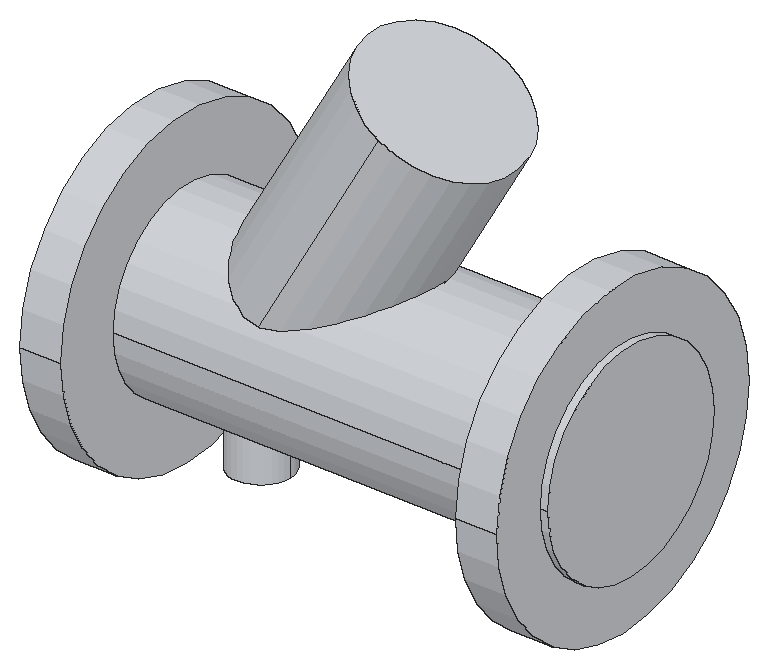
Revit family "HS 821-síto_jemné-PN40-DN065-RFA_2018", category Pipe Accessories, Revit 2018
Family settings
  Round Connector Dimension = Use Diameter
  Part Type = Breaks Into
  Work Plane-Based = No
  Always vertical = Yes
  Cut with Voids When Loaded = No
  Shared = No
Parameters (values of type "821F-DN065-PN40-síto_jemné")
  magiProductId = "dc9821e3f9b34e128f6a8c6b34c198"
  magiProductFamilyId = "79214ac3aaa945e397802f559f5c1e"
  magiPartTypeId = 307
  isMeasuringValve [instance] = no
  ang2D [instance] = 0.00°
  ZB__ve = -ZB  # -29.75 mm
  ZB1 = 49.41 mm
  ZB = 29.75 mm
  X2 = 86.927 mm
  X1 = 40.6 mm
  W2D = 15 mm
  VersionID = "2.0/2017.9.26.1/ZETKAMA_821_001"
  Use Minimum Symbol Size [instance] = yes
  URL = "www.hydronic.cz"
  Type Comments = "Filtr přírubový; síto jemné; A-PN16 (-10~300°C); D-PN25 (-10~350°C); F-PN40 (-10~400°C)"
  S = 122 mm
  QmdConnectorList = "301;D;302;D"
  Productdata [instance] = ""
  Manufacturer = "Hydronic Systems Prague s.r.o."
  MC Product Code = "250 665 (821F; DN065; PN40; kvs95,1; oko síta 0,63mm)"
  LM1 = 23.2 mm
  LM = 232 mm
  L4 = 72.5 mm
  L2D_Min = 3048 mm
  L2D = 130 mm
  L2 = 145 mm
  HH2 = 150.562 mm
  FD = 185 mm
  Description = "Filtr přírubový; síto jemné; 821A-PN16; 821D-PN25; 821F-PN40"
  DM1 = 94.2 mm
  DM = 109.8 mm
  D = 65 mm
  CC = 4.93 mm
  CAT0 = yes
  C1 = 24.07 mm
  C = 29 mm
  BD = 34.587 mm
Types (40, lengths in mm): name | magiProductId | ZB__ve | ZB1 | ZB | X2 | X1 | S | MC Product Code | LM1 | LM | L4 | L2 | HH2 | FD | DM1 | DM | D | CC | C1 | C | BD
  821A-DN015-PN16-síto_jemné | "a71bcfe8b393460598b23e8ddf7dc5" | -16.25 | 18.63 | 16.25 | 46.982 | 18.2 | 46 | "210 115 (821A; DN015; PN16; kvs6,2; oko síta 0,63mm)" | 10.4 | 104 | 32.5 | 65 | 81.375 | 95 | 27.6 | 41.4 | 15 | 2.21 | 10.79 | 13 | 13.041
  821A-DN020-PN16-síto_jemné | "41cd6c7a12924f4991217528336076" | -17.75 | 22.68 | 17.75 | 51.673 | 21 | 56 | "210 120 (821A; DN020; PN16; kvs9,6; oko síta 0,63mm)" | 12 | 120 | 37.5 | 75 | 89.5 | 105 | 33.6 | 50.4 | 20 | 2.55 | 12.45 | 15 | 15.876
  821A-DN025-PN16-síto_jemné | "be378b463ed14c3abf4c9b3ae8cf3a" | -19.25 | 26.325 | 19.25 | 58.601 | 22.4 | 65 | "210 125 (821A; DN025; PN16; kvs14,2; oko síta 0,63mm)" | 12.8 | 128 | 40 | 80 | 101.5 | 115 | 43.2 | 58.5 | 25 | 2.72 | 13.28 | 16 | 18.427
  821A-DN032-PN16-síto_jemné | "227a0d18b21540afabe8b6067d35fa" | -23 | 30.78 | 23 | 68.849 | 25.2 | 76 | "210 132 (821A; DN032; PN16; kvs23,1; oko síta 0,63mm)" | 14.4 | 144 | 45 | 90 | 119.25 | 140 | 50.4 | 68.4 | 32 | 3.06 | 14.94 | 18 | 21.546
  821A-DN040-PN16-síto_jemné | "d106917c74724141a10440112d0102" | -24.5 | 34.02 | 24.5 | 75.777 | 28 | 84 | "210 140 (821A; DN040; PN16; kvs36,6; oko síta 0,63mm)" | 16 | 160 | 50 | 100 | 131.25 | 150 | 60 | 75.6 | 40 | 3.4 | 16.6 | 20 | 23.814
  821A-DN050-PN16-síto_jemné | "8255d456a09e4f6486734f5dd9171b" | -26.75 | 40.095 | 26.75 | 79.061 | 32.2 | 99 | "210 150 (821A; DN050 PN16; kvs53,7; oko síta 0,63mm)" | 18.4 | 184 | 57.5 | 115 | 136.938 | 165 | 73.8 | 89.1 | 50 | 3.91 | 19.09 | 23 | 28.066
  821A-DN065-PN16-síto_jemné | "235b1b3e4c0843779a4d5e3716d40a" | -29.75 | 47.79 | 29.75 | 86.927 | 40.6 | 118 | "210 165 (821A; DN065; PN16; kvs95,1; oko síta 0,63mm)" | 23.2 | 232 | 72.5 | 145 | 150.562 | 185 | 94.2 | 106.2 | 65 | 4.93 | 24.07 | 29 | 33.453
  821A-DN080-PN16-síto_jemné | "a067f7c5236348ed8c820d16df7214" | -32 | 53.46 | 32 | 104.753 | 43.4 | 132 | "210 180 (821A; DN080; PN16; kvs137,1; oko síta 0,63mm)" | 24.8 | 248 | 77.5 | 155 | 181.438 | 200 | 107.4 | 118.8 | 80 | 5.27 | 25.73 | 31 | 37.422
  821A-DN100-PN16-síto_jemné | "c49a648c2747461285837d643703cd" | -35 | 63.18 | 35 | 114.857 | 49 | 156 | "210 190 (821A; DN100; PN16; kvs206,4; oko síta 0,63mm)" | 28 | 280 | 87.5 | 175 | 198.937 | 220 | 131.4 | 140.4 | 100 | 5.95 | 29.05 | 35 | 44.226
  821A-DN125-PN16-síto_jemné | "bf68e728a163493cbd2a663b26ebdc" | -39.5 | 74.52 | 39.5 | 131.888 | 56 | 184 | "210 191 (821A; DN125; PN16; kvs268,8; oko síta 0,63mm)" | 32 | 320 | 100 | 200 | 228.438 | 250 | 165 | 165.6 | 125 | 6.8 | 33.2 | 40 | 52.164
  821A-DN150-PN16-síto_jemné | "2de770284b654863ae6bc865769dc5" | -44.75 | 85.455 | 44.75 | 155.885 | 67.2 | 211 | "210 192 (821A; DN150; PN16; kvs401,4; oko síta 0,63mm)" | 38.4 | 384 | 120 | 240 | 270 | 285 | 192 | 189.9 | 150 | 8.16 | 39.84 | 48 | 59.818
  821A-DN200-PN16-síto_jemné | "8e5693371ab64aabb29a7f08c76e15" | -53 | 107.73 | 53 | 188.361 | 84 | 266 | "210 193 (821A; DN200; PN16; kvs706,7; oko síta 0,63mm)" | 48 | 480 | 150 | 300 | 326.25 | 340 | 252 | 239.4 | 200 | 10.2 | 49.8 | 60 | 75.411
  821A-DN250-PN16-síto_jemné | "05e37ed948c34047acdd4c42556504" | -62.75 | 129.195 | 62.75 | 255.911 | 102.2 | 319 | "210 194 (821A; DN250; PN16; kvs1229,4; oko síta 0,63mm)" | 58.4 | 584 | 182.5 | 365 | 443.25 | 405 | 309.6 | 287.1 | 250 | 12.41 | 60.59 | 73 | 90.436
  821A-DN300-PN16-síto_jemné | "9ad0af747269428da925480d83ce80" | -71 | 149.85 | 71 | 325.914 | 119 | 370 | "210 195 (821A; DN300; PN16; kvs1902,4; oko síta 0,63mm)" | 68 | 680 | 212.5 | 425 | 564.5 | 460 | 369.6 | 333 | 300 | 14.45 | 70.55 | 85 | 104.895
  821A-DN350-PN16-síto_jemné | "eebc71459bb3451bb4355e7951370a" | -80 | 173.745 | 80 | 356.875 | 137.2 | 429 | "200 196 (821A; DN350; PN16; kvs2611,0; oko síta 0,63mm)" | 78.4 | 784 | 245 | 490 | 618.125 | 520 | 438 | 386.1 | 350 | 16.66 | 81.34 | 98 | 121.621
  821A-DN400-PN16-síto_jemné | "d2f677cb196647e385b2590e7d8abe" | -89 | 194.4 | 89 | 392.237 | 154 | 480 | "210 197 (821A; DN400; PN16; kvs3438,4; oko síta 0,63mm)" | 88 | 880 | 275 | 550 | 679.375 | 580 | 498 | 432 | 400 | 18.7 | 91.3 | 110 | 136.08
  821D-DN015-PN25-síto_jemné | "27ddcbf555414f8ca1fde329bf9087" | -16.25 | 18.63 | 16.25 | 46.982 | 18.2 | 46 | "210 215 (821D; DN015; PN25; kvs6,2; oko síta 0,63mm)" | 10.4 | 104 | 32.5 | 65 | 81.375 | 95 | 27.6 | 41.4 | 15 | 2.21 | 10.79 | 13 | 13.041
  821D-DN020-PN25-síto_jemné | "270e0f14012f47189cd0235c18faee" | -17.75 | 22.68 | 17.75 | 51.673 | 21 | 56 | "210 220 (821D; DN020; PN25; kvs9,6; oko síta 0,63mm)" | 12 | 120 | 37.5 | 75 | 89.5 | 105 | 33.6 | 50.4 | 20 | 2.55 | 12.45 | 15 | 15.876
  821D-DN025-PN25-síto_jemné | "b9a7fb4aa36643878c637d8e1ab992" | -19.25 | 26.325 | 19.25 | 58.601 | 22.4 | 65 | "210 225 (821D; DN025; PN25; kvs14,2; oko síta 0,63mm)" | 12.8 | 128 | 40 | 80 | 101.5 | 115 | 43.2 | 58.5 | 25 | 2.72 | 13.28 | 16 | 18.427
  821D-DN032-PN25-síto_jemné | "6be9a55c4e68400f94eec7e804204c" | -23 | 30.78 | 23 | 68.849 | 25.2 | 76 | "210 232 (821D; DN032; PN25; kvs23,1; oko síta 0,63mm)" | 14.4 | 144 | 45 | 90 | 119.25 | 140 | 50.4 | 68.4 | 32 | 3.06 | 14.94 | 18 | 21.546
  821D-DN040-PN25-síto_jemné | "c54511bd7f584ec2984291479612cb" | -24.5 | 34.02 | 24.5 | 75.777 | 28 | 84 | "210 240 (821D; DN040; PN25; kvs36,6; oko síta 0,63mm)" | 16 | 160 | 50 | 100 | 131.25 | 150 | 60 | 75.6 | 40 | 3.4 | 16.6 | 20 | 23.814
  821D-DN050-PN25-síto_jemné | "5483b1f596b04cd39b23a14a22c90e" | -26.75 | 40.095 | 26.75 | 79.061 | 32.2 | 99 | "210 250 (821D; DN050; PN25; kvs53,7; oko síta 0,63mm)" | 18.4 | 184 | 57.5 | 115 | 136.938 | 165 | 73.8 | 89.1 | 50 | 3.91 | 19.09 | 23 | 28.066
  821D-DN065-PN25-síto_jemné | "767b0f8318e94750bc7a9930ed5b30" | -29.75 | 47.79 | 29.75 | 86.927 | 40.6 | 118 | "210 265 (821D; DN065; PN25; kvs95,1; oko síta 0,63mm)" | 23.2 | 232 | 72.5 | 145 | 150.562 | 185 | 94.2 | 106.2 | 65 | 4.93 | 24.07 | 29 | 33.453
  821D-DN080-PN25-síto_jemné | "e21040fa3cc2404b858198f6b73709" | -32 | 53.46 | 32 | 104.753 | 43.4 | 132 | "210 280 (821D; DN080; PN25; kvs137,1; oko síta 0,63mm)" | 24.8 | 248 | 77.5 | 155 | 181.438 | 200 | 107.4 | 118.8 | 80 | 5.27 | 25.73 | 31 | 37.422
  821D-DN100-PN25-síto_jemné | "175ca87a506b40b3bc6b82f12f33cf" | -37.25 | 63.18 | 37.25 | 114.857 | 49 | 156 | "210 290 (821D; DN100; PN25; kvs206,4; oko síta 0,63mm)" | 28 | 280 | 87.5 | 175 | 198.937 | 235 | 131.4 | 140.4 | 100 | 5.95 | 29.05 | 35 | 44.226
  821D-DN125-PN25-síto_jemné | "77cc98d60da24855999a22dff726b2" | -42.5 | 74.52 | 42.5 | 131.888 | 56 | 184 | "210 291 (821D; DN125; PN25; kvs268,8; oko síta 0,63mm)" | 32 | 320 | 100 | 200 | 228.438 | 270 | 165 | 165.6 | 125 | 6.8 | 33.2 | 40 | 52.164
  821D-DN150-PN25-síto_jemné | "9cf8acfcd15547d68e83172d3abcbe" | -47 | 85.455 | 47 | 155.885 | 67.2 | 211 | "210 292 (821D; DN150; PN25; kvs401,4; oko síta 0,63mm)" | 38.4 | 384 | 120 | 240 | 270 | 300 | 192 | 189.9 | 150 | 8.16 | 39.84 | 48 | 59.818
  821D-DN200-PN25-síto_jemné | "16973f3c9ea14389ba8602495a6b64" | -56 | 110.97 | 56 | 188.361 | 84 | 274 | "210 293 (821D; DN200; PN25; kvs706,7; oko síta 0,63mm)" | 48 | 480 | 150 | 300 | 326.25 | 360 | 252 | 246.6 | 200 | 10.2 | 49.8 | 60 | 77.679
  821F-DN015-PN40-síto_jemné | "4c7eaf3c4c0340888b3e684d8a8616" | -16.25 | 18.225 | 16.25 | 46.982 | 18.2 | 45 | "250 615 (821F; DN015; PN40; kvs6,2; oko síta 0,63mm)" | 10.4 | 104 | 32.5 | 65 | 81.375 | 95 | 27.6 | 40.5 | 15 | 2.21 | 10.79 | 13 | 12.757
  821F-DN020-PN40-síto_jemné | "aaac5f1ec96b44d6ba96ac2293d66d" | -17.75 | 23.49 | 17.75 | 51.673 | 21 | 58 | "250 620 (821F; DN020; PN40; kvs9,6; oko síta 0,63mm)" | 12 | 120 | 37.5 | 75 | 89.5 | 105 | 33.6 | 52.2 | 20 | 2.55 | 12.45 | 15 | 16.443
  821F-DN025-PN40-síto_jemné | "504768023968471481789485b54c7e" | -19.25 | 27.54 | 19.25 | 58.601 | 22.4 | 68 | "250 625 (821F; DN025; PN40; kvs14,2; oko síta 0,63mm)" | 12.8 | 128 | 40 | 80 | 101.5 | 115 | 43.2 | 61.2 | 25 | 2.72 | 13.28 | 16 | 19.278
  821F-DN032-PN40-síto_jemné | "165e7f39cf744f329bdf1c400dad12" | -23 | 31.59 | 23 | 68.849 | 25.2 | 78 | "250 632 (821F; DN032; PN40; kvs23,1; oko síta 0,63mm)" | 14.4 | 144 | 45 | 90 | 119.25 | 140 | 50.4 | 70.2 | 32 | 3.06 | 14.94 | 18 | 22.113
  821F-DN040-PN40-síto_jemné | "b8903f952089408fbf3a5a632bab1f" | -24.5 | 35.64 | 24.5 | 75.777 | 28 | 88 | "250 640 (821F; DN040; PN40; kvs36,6; oko síta 0,63mm)" | 16 | 160 | 50 | 100 | 131.25 | 150 | 60 | 79.2 | 40 | 3.4 | 16.6 | 20 | 24.948
  821F-DN050-PN40-síto_jemné | "c451f97266fe48da8f879cb6a2bd44" | -26.75 | 41.31 | 26.75 | 79.061 | 32.2 | 102 | "250 650 (821F; DN050; PN40; kvs53,7; oko síta 0,63mm)" | 18.4 | 184 | 57.5 | 115 | 136.938 | 165 | 73.8 | 91.8 | 50 | 3.91 | 19.09 | 23 | 28.917
  821F-DN065-PN40-síto_jemné | "dc9821e3f9b34e128f6a8c6b34c198" | -29.75 | 49.41 | 29.75 | 86.927 | 40.6 | 122 | "250 665 (821F; DN065; PN40; kvs95,1; oko síta 0,63mm)" | 23.2 | 232 | 72.5 | 145 | 150.562 | 185 | 94.2 | 109.8 | 65 | 4.93 | 24.07 | 29 | 34.587
  821F-DN080-PN40-síto_jemné | "689aa1e260f84cf4994f027a1d86b5" | -32 | 55.89 | 32 | 104.753 | 43.4 | 138 | "250 680 (821F; DN080; PN40; kvs137,1; oko síta 0,63mm)" | 24.8 | 248 | 77.5 | 155 | 181.438 | 200 | 107.4 | 124.2 | 80 | 5.27 | 25.73 | 31 | 39.123
  821F-DN100-PN40-síto_jemné | "8a45d4e8e2ab425f8c432f21d684f3" | -37.25 | 65.61 | 37.25 | 114.857 | 49 | 162 | "250 690 (821F; DN100; PN40; kvs206,4; oko síta 0,63mm)" | 28 | 280 | 87.5 | 175 | 198.937 | 235 | 131.4 | 145.8 | 100 | 5.95 | 29.05 | 35 | 45.927
  821F-DN125-PN40-síto_jemné | "cf073904c006406b8645afa67ea2fc" | -42.5 | 76.14 | 42.5 | 131.888 | 56 | 188 | "250 691 (821F; DN125; PN40; kvs268,8; oko síta 0,63mm)" | 32 | 320 | 100 | 200 | 228.438 | 270 | 165 | 169.2 | 125 | 6.8 | 33.2 | 40 | 53.298
  821F-DN150-PN40-síto_jemné | "0153b9ddabe14992a630484929fdbc" | -47 | 88.29 | 47 | 155.885 | 67.2 | 218 | "250 692 (821F; DN150; PN40; kvs401,4; oko síta 0,63mm)" | 38.4 | 384 | 120 | 240 | 270 | 300 | 192 | 196.2 | 150 | 8.16 | 39.84 | 48 | 61.803
  821F-DN200-PN40-síto_jemné | "7fb3fc01dd8d42428c203e3f8dd4d5" | -56 | 115.425 | 56 | 188.361 | 84 | 285 | "250 693 (821F; DN200; PN40; kvs706,7; oko síta 0,63mm)" | 48 | 480 | 150 | 300 | 326.25 | 360 | 252 | 256.5 | 200 | 10.2 | 49.8 | 60 | 80.797
Reference planes
  plane 1 "Center (Front/Back)": y = 0
  plane 2 "XYPLANE": z = 0
  plane 3 "Center (Left/Right)": x = 0
  plane 4 "109": x = -92.8
  plane 5 "108": x = 116
  plane 6 "107": x = -116
  plane 7 "105": x = 145
  plane 8 "104": x = -145
  plane 9 "103": y = 0
  plane 10 "102": z = 0
  plane 11 "101": x = -140.07
  plane 12 "100": x = 140.07
  plane 13 "11": x = -52.2
  plane 14 "10": z = 150.562
  plane 15 "9": x = 34.727
  plane 16 "5": z = -49.41
  plane 17 "4": x = -72.5
  plane 18 "1": x = 72.5
Forms (mm)
  Extrusion 1, solid, visible <- "CAT0"
    sketch origin (-116, -750, 0) x (0, 1, 0) y (0, 0, 1)
      loop
        circle (750, 0) r 54.9
    from 0 to 232 <- "LM"
  Extrusion 2, solid
    sketch origin (-145, -750, 0) x (0, 1, 0) y (0, 0, 1)
      loop
        circle (750, 0) r 61
    from 0 to 4.93 <- "CC"
  Extrusion 3, solid
    sketch origin (-140.07, -750, 0) x (0, 1, 0) y (0, 0, 1)
      loop
        circle (750, 0) r 92.5
    from 0 to 24.07 <- "C1"
  Extrusion 4, solid
    sketch origin (116, -750, 0) x (0, 1, 0) y (0, 0, 1)
      loop
        circle (750, 0) r 92.5
    from 0 to 24.07 <- "C1"
  Extrusion 5, solid
    sketch origin (140.07, -750, 0) x (0, 1, 0) y (0, 0, 1)
      loop
        circle (750, 0) r 61
    from 0 to 4.93 <- "CC"
  Sweep 6, solid, visible <- "CAT0"
    path origin (750, 0, 0) x (-1, 0, 0) y (0, 0, 1)
      loop
        line (866, 0) -> (802.2, 0) -> (715.273, 150.562)
    profile origin (-116, 0, 0) x (0, 0, -1) y (0, 1, 0)
      loop
        circle (0, 0) r 47.1
  Extrusion 7, solid, visible <- "CAT0"
    sketch origin (-750, 0, -49.41) x (1, 0, 0) y (0, 1, 0)
      loop
        circle (677.5, 0) r 17.293
    from 0 to -29.75 <- "ZB__ve"
  Extrusion 8, solid, visible <- "CAT0"
    sketch origin (-750, 0, -49.41) x (1, 0, 0) y (0, 1, 0)
      loop
        circle (822.5, 0) r 17.293
    from 0 to -29.75 <- "ZB__ve"
  Extrusion 9, solid, not visible
    sketch origin (145, -750, 0) x (0, 1, 0) y (0, 0, 1)
      loop
        circle (750, 0) r 10
    from 0 to -10
  Extrusion 10, solid, not visible
    sketch origin (-145, -750, 0) x (0, 1, 0) y (0, 0, 1)
      loop
        circle (750, 0) r 10
    from 0 to 10
Lines and regions (mm)
  reference lines, not visible
    curve 1: circle (2, 2, 0) r 1 normal (0, 0, 1)
Dimensions and locks
  plane 1 "Center (Front/Back)" to curve 1 = 2 mm
  "LM1": plane 6 "107" to plane 4 "109"
  "LM": plane 6 "107" to plane 5 "108"
  "C": plane 8 "104" to plane 6 "107"
  "L2": plane 3 "Center (Left/Right)" to plane 7 "105"
  "L2": plane 3 "Center (Left/Right)" to plane 8 "104"
  locked: plane 1 "Center (Front/Back)" to plane 9 "103"
  locked: plane 2 "XYPLANE" to plane 10 "102"
  "CC": plane 8 "104" to plane 11 "101"
  "C1": plane 5 "108" to plane 12 "100"
  "X1": plane 4 "109" to plane 13 "11"
  "HH2": plane 2 "XYPLANE" to plane 14 "10"
  "X2": plane 13 "11" to plane 15 "9"
  "ZB1": plane 2 "XYPLANE" to plane 16 "5"
  "L4": plane 8 "104" to plane 17 "4"
  "L2": plane 17 "4" to plane 18 "1"
  Sweep 6 sketch curve to Sweep 6 sketch curve = 0 mm  (x2)
  "DM": diameter of Extrusion 1 sketch curve
  "S": diameter of Extrusion 2 sketch curve
  "FD": diameter of Extrusion 3 sketch curve
  "FD": diameter of Extrusion 4 sketch curve
  "S": diameter of Extrusion 5 sketch curve
  "DM1": diameter of Sweep 6 sketch curve
  "BD": diameter of Extrusion 7 sketch curve
  "BD": diameter of Extrusion 8 sketch curve
  aligned and locked: level to plane 2 "XYPLANE"
  aligned and locked: Extrusion 1 sketch curve to plane 9 "103"
  aligned and locked: plane 10 "102" to Extrusion 1 sketch curve
  aligned and locked: Extrusion 2 sketch curve to plane 9 "103"
  aligned and locked: plane 10 "102" to Extrusion 2 sketch curve
  aligned and locked: Extrusion 3 sketch curve to plane 9 "103"
  aligned and locked: plane 10 "102" to Extrusion 3 sketch curve
  aligned and locked: Extrusion 4 sketch curve to plane 9 "103"
  aligned and locked: plane 10 "102" to Extrusion 4 sketch curve
  aligned and locked: Extrusion 5 sketch curve to plane 9 "103"
  aligned and locked: plane 10 "102" to Extrusion 5 sketch curve
  aligned and locked: Sweep 6 sketch curve to plane 9 "103"
  aligned and locked: plane 10 "102" to Sweep 6 sketch curve  (x3)
  aligned and locked: plane 6 "107" to Sweep 6 sketch curve
  aligned and locked: plane 13 "11" to Sweep 6 sketch curve
  aligned and locked: plane 14 "10" to Sweep 6 sketch curve
  aligned and locked: plane 15 "9" to Sweep 6 sketch curve
  aligned and locked: plane 9 "103" to Extrusion 7 sketch curve
  aligned and locked: plane 17 "4" to Extrusion 7 sketch curve
  aligned and locked: plane 9 "103" to Extrusion 8 sketch curve
  aligned and locked: plane 18 "1" to Extrusion 8 sketch curve
  aligned and locked: Extrusion 9 sketch curve to plane 9 "103"
  aligned and locked: plane 10 "102" to Extrusion 9 sketch curve
  aligned and locked: Extrusion 10 sketch curve to plane 9 "103"
  aligned and locked: plane 10 "102" to Extrusion 10 sketch curve
Automatic sketch dimensions
  plane 1 "Center (Front/Back)" to Extrusion 9 sketch curve = 10 mm
  plane 1 "Center (Front/Back)" to Extrusion 10 sketch curve = 10 mm
  plane 3 "Center (Left/Right)" to curve 1 = 2 mm
  radius of curve 1 = 1 mm
Connectors
  piping at (-145, 0, 0), diameter 65, driven by "D"
    settings: on Extrusion 10, index 1, connector inside diameter 609.6 mm, connector length 0 mm, flow factor 0, pipe flow 0.0 L/s, pressure drop 0.0 Pa, fitting loss kfactor 0, connector angle 0.00°, fixture units 0, engagement length 0 mm, angle of deflection 0.00°, flow configuration 0, flow direction 0, fitting loss method 0, system type 29, joint type 0, gender type 0, connector reference index 2, connector utility 0, adjustable connector no, is connector primary yes, connector description ""
  piping at (145, 0, 0), diameter 65, driven by "D"
    settings: on Extrusion 9, index 2, connector inside diameter 609.6 mm, connector length 0 mm, flow factor 0, pipe flow 0.0 L/s, pressure drop 0.0 Pa, fitting loss kfactor 0, connector angle 0.00°, fixture units 0, engagement length 0 mm, angle of deflection 0.00°, flow configuration 0, flow direction 0, fitting loss method 0, system type 29, joint type 0, gender type 0, connector reference index 1, connector utility 0, adjustable connector no, is connector primary no, connector description ""
